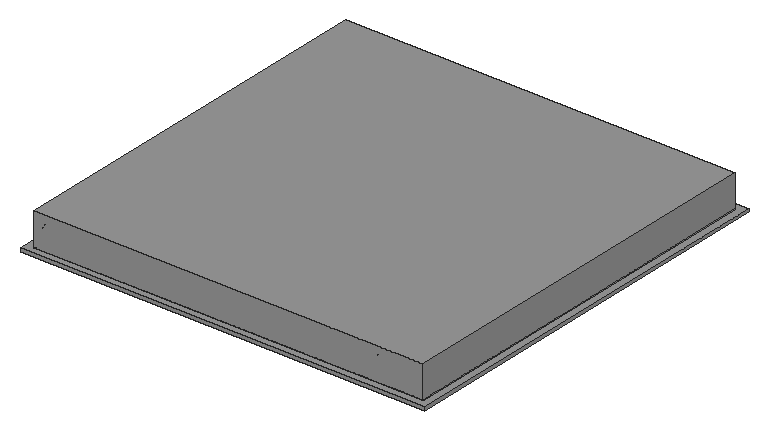
Revit family "63_UN_LEDPanel_RTP-XM 595x595 2-Lamps_Norton", category Lighting Fixtures, Revit 2019
Family settings
  Round Connector Dimension = Use Diameter
  Part Type = Normal
  OmniClass Number = 23.80.70.11.14.11
  OmniClass Title = Downlights
  Work Plane-Based = No
  Always vertical = Yes
  Cut with Voids When Loaded = No
  Light Source = Yes
  Shared = No
  Room Calculation Point = Yes
Parameters (values of type "RTP-XM LED 84 2 4000LM GST 60x60")
  Wattage Comments = "36W"
  Wattage = 26.9284 W
  built-in parameter 1150110 = 1 (stored number, unit not read)
  Voltage = 230 V
  URL = "https://www.ivlibrary.com/"
  Type Comments = "60x60"
  built-in parameter 1114217 = 1 (stored number, unit not read)
  Tilt Angle = 90.00°
  built-in parameter 1150109 = 1 (stored number, unit not read)
  built-in parameter 1150134 = 3
  Symbol_ToScale [instance] = not(Symbol_RealSize)  # no
  Symbol_RealSize [instance] = yes
  Switch Code [instance] = ""
  built-in parameter 1150113 = 1 (stored number, unit not read)
  Photometric Web File = "RTPXMLED842LM400060x60_LDT.ies"
  Model = "RTP XM"
  Manufacturer = "Norton"
  built-in parameter 1150105 = 318.31 (stored number, unit not read)
  Luminous Flux (lm) = 4000 lm
  Lumens = 4000 lm
  built-in parameter 1150115 = 1 (stored number, unit not read)
  Luminaire Code [instance] = ""
  built-in parameter 1150137 = (empty or 0)
  built-in parameter 1150139 = (empty or 0)
  built-in parameter 1150112 = 1 (stored number, unit not read)
  built-in parameter 1150114 = 1 (stored number, unit not read)
  Lamp = "LED"
  L3 = 11 mm
  L2 = 596 mm
  L1 = 596 mm
  built-in parameter 1150132 = 2
  built-in parameter 1150102 = (empty or 0)
  built-in parameter 1150107 = 3200 (stored number, unit not read)
  built-in parameter 1150138 = (empty or 0)
  built-in parameter 1150106 = 3.1831 (stored number, unit not read)
  IfcExportType = "USERDEFINED"
  IfcExportAs = "IfcLightFixtureType"
  ISBN Code = "-"
  IP Value = "IP20"
  IK Value = "IK07"
  Housing_Material = Laminate, White
  H1 = 48 mm
  GTIN Code = "-"
  Emit from Rectangle Width = L2 - (L3 * 2)  # 574 mm
  Emit from Rectangle Length = L1 - (L3 * 2)  # 574 mm
  Emit Shape Visible in Rendering = no
  built-in parameter 1150104 = 13.8 (stored number, unit not read)
  ETIM Code = "-"
  Dimming Lamp Color Temperature Shift = <None>
  Description = ""
  Content Creator® = "www.ivlibrary.com"
  Color Filter = 16777215
  Calc_L2_Symbol = L2 / 100  # 5.96 mm
  Calc_L1_Symbol = L1 / 100  # 5.96 mm
  built-in parameter 1114218 = 1 (stored number, unit not read)
  built-in parameter 1150133 = 10 (stored number, unit not read)
  Assembly Code = "63.0"
  Apparent Load = 36 VA
Types (2, lengths in mm): name | Wattage Comments | Wattage | Photometric Web File | built-in parameter 1150105 | Luminous Flux (lm) | Lumens | built-in parameter 1150106 | Apparent Load
  RTP-XM LED 83 2 3800LM GST 60x60 | "38W" | 25.582 W | "RTPXMLED832LM380060x60_LDT.ies" | 302.39 (stored number, unit not read) | 3800 lm | 3800 lm | 3.0239 (stored number, unit not read) | 38 VA
  RTP-XM LED 84 2 4000LM GST 60x60 | "36W" | 26.9284 W | "RTPXMLED842LM400060x60_LDT.ies" | 318.31 (stored number, unit not read) | 4000 lm | 4000 lm | 3.1831 (stored number, unit not read) | 36 VA
Reference planes
  plane 1 "Center (Front/Back)": y = 0
  plane 2: z = 0
  plane 3 "Center (Left/Right)": x = 0
  plane 4: x = -287
  plane 5: x = 287
  plane 6: y = 287
  plane 7: y = -287
  plane 8: x = -298
  plane 9: x = 298
  plane 10: y = -298
  plane 11: y = 298
Forms (mm)
  Extrusion 1, solid, material "Laminate, White" <- "Housing_Material"
    sketch origin (0, 0, 0) x (1, 0, 0) y (0, 1, 0)
      loop
        line (-287, 287) -> (-287, -287) -> (287, -287) -> (287, 287) -> (-287, 287)
    from 0 to 48 <- "H1"
  Extrusion 2, solid, material "Laminate, White" <- "Housing_Material"
    sketch origin (0, 0, 0) x (1, 0, 0) y (0, 1, 0)
      loop
        line (-287, 287) -> (-287, -287) -> (287, -287) -> (287, 287) -> (-287, 287)
    from 0 to -1
  Extrusion 3, solid, material "Laminate, White" <- "Housing_Material"
    sketch origin (0, 0, 0) x (1, 0, 0) y (0, 1, 0)
      loop
        line (-287, 287) -> (-287, -287) -> (287, -287) -> (287, 287) -> (-287, 287)
      loop
        line (-298, -298) -> (298, -298) -> (298, 298) -> (-298, 298) -> (-298, -298)
    from 0 to -5
  Extrusion 4, void
    sketch origin (-490.551, 0, 0) x (1, 0, 0) y (0, 0, 1)
      loop
        line (207.881, -5) -> (283.164, -5) -> (283.164, 12.612) -> (278.834, 15.112)
        arc (278.834, 15.112) -> (274.801, 30.999) -> (263.68, 43.039) r 33.311
        line (263.68, 43.039) -> (227.366, 43.039)
        arc (227.366, 43.039) -> (216.244, 30.999) -> (212.212, 15.112) r 33.311
        line (212.212, 15.112) -> (207.881, 12.612) -> (207.881, -5)
    from 283.961 to -282.261
  Extrusion 5, solid, material "Laminate, White" <- "Housing_Material"
    sketch origin (-479.551, 253.75, 0) x (1, 0, 0) y (0, 0, 1)
      loop
        line (196.881, -1) -> (272.164, -1) -> (272.164, 12.612) -> (267.834, 15.112)
        arc (267.834, 15.112) -> (263.801, 30.999) -> (252.68, 43.039) r 33.311
        line (252.68, 43.039) -> (216.366, 43.039)
        arc (216.366, 43.039) -> (205.244, 30.999) -> (201.212, 15.112) r 33.311
        line (201.212, 15.112) -> (196.881, 12.612) -> (196.881, -1)
    from 1 to -1
  Extrusion 6, solid, material "Laminate, White" <- "Housing_Material"
    sketch origin (-479.551, -254.375, 0) x (1, 0, 0) y (0, 0, 1)
      loop
        line (196.881, -1) -> (272.164, -1) -> (272.164, 12.612) -> (267.834, 15.112)
        arc (267.834, 15.112) -> (263.801, 30.999) -> (252.68, 43.039) r 33.311
        line (252.68, 43.039) -> (216.366, 43.039)
        arc (216.366, 43.039) -> (205.244, 30.999) -> (201.212, 15.112) r 33.311
        line (201.212, 15.112) -> (196.881, 12.612) -> (196.881, -1)
    from 1 to -1
  Extrusion 7, solid, material "Laminate, White" <- "Housing_Material"
    sketch origin (-479.551, 211.406, 0) x (1, 0, 0) y (0, 0, 1)
      loop
        line (196.881, -1) -> (272.164, -1) -> (272.164, 12.612) -> (267.834, 15.112)
        arc (267.834, 15.112) -> (263.801, 30.999) -> (252.68, 43.039) r 33.311
        line (252.68, 43.039) -> (216.366, 43.039)
        arc (216.366, 43.039) -> (205.244, 30.999) -> (201.212, 15.112) r 33.311
        line (201.212, 15.112) -> (196.881, 12.612) -> (196.881, -1)
    from 1 to -1
  Extrusion 8, solid, material "Laminate, White" <- "Housing_Material"
    sketch origin (-479.551, 169.063, 0) x (1, 0, 0) y (0, 0, 1)
      loop
        line (196.881, -1) -> (272.164, -1) -> (272.164, 12.612) -> (267.834, 15.112)
        arc (267.834, 15.112) -> (263.801, 30.999) -> (252.68, 43.039) r 33.311
        line (252.68, 43.039) -> (216.366, 43.039)
        arc (216.366, 43.039) -> (205.244, 30.999) -> (201.212, 15.112) r 33.311
        line (201.212, 15.112) -> (196.881, 12.612) -> (196.881, -1)
    from 1 to -1
  Extrusion 9, solid, material "Laminate, White" <- "Housing_Material"
    sketch origin (-479.551, 126.719, 0) x (1, 0, 0) y (0, 0, 1)
      loop
        line (196.881, -1) -> (272.164, -1) -> (272.164, 12.612) -> (267.834, 15.112)
        arc (267.834, 15.112) -> (263.801, 30.999) -> (252.68, 43.039) r 33.311
        line (252.68, 43.039) -> (216.366, 43.039)
        arc (216.366, 43.039) -> (205.244, 30.999) -> (201.212, 15.112) r 33.311
        line (201.212, 15.112) -> (196.881, 12.612) -> (196.881, -1)
    from 1 to -1
  Extrusion 10, solid, material "Laminate, White" <- "Housing_Material"
    sketch origin (-479.551, 84.375, 0) x (1, 0, 0) y (0, 0, 1)
      loop
        line (196.881, -1) -> (272.164, -1) -> (272.164, 12.612) -> (267.834, 15.112)
        arc (267.834, 15.112) -> (263.801, 30.999) -> (252.68, 43.039) r 33.311
        line (252.68, 43.039) -> (216.366, 43.039)
        arc (216.366, 43.039) -> (205.244, 30.999) -> (201.212, 15.112) r 33.311
        line (201.212, 15.112) -> (196.881, 12.612) -> (196.881, -1)
    from 1 to -1
  Extrusion 11, solid, material "Laminate, White" <- "Housing_Material"
    sketch origin (-479.551, 42.031, 0) x (1, 0, 0) y (0, 0, 1)
      loop
        line (196.881, -1) -> (272.164, -1) -> (272.164, 12.612) -> (267.834, 15.112)
        arc (267.834, 15.112) -> (263.801, 30.999) -> (252.68, 43.039) r 33.311
        line (252.68, 43.039) -> (216.366, 43.039)
        arc (216.366, 43.039) -> (205.244, 30.999) -> (201.212, 15.112) r 33.311
        line (201.212, 15.112) -> (196.881, 12.612) -> (196.881, -1)
    from 1 to -1
  Extrusion 12, solid, material "Laminate, White" <- "Housing_Material"
    sketch origin (-479.551, -0.312, 0) x (1, 0, 0) y (0, 0, 1)
      loop
        line (196.881, -1) -> (272.164, -1) -> (272.164, 12.612) -> (267.834, 15.112)
        arc (267.834, 15.112) -> (263.801, 30.999) -> (252.68, 43.039) r 33.311
        line (252.68, 43.039) -> (216.366, 43.039)
        arc (216.366, 43.039) -> (205.244, 30.999) -> (201.212, 15.112) r 33.311
        line (201.212, 15.112) -> (196.881, 12.612) -> (196.881, -1)
    from 1 to -1
  Extrusion 13, solid, material "Laminate, White" <- "Housing_Material"
    sketch origin (-479.551, -42.656, 0) x (1, 0, 0) y (0, 0, 1)
      loop
        line (196.881, -1) -> (272.164, -1) -> (272.164, 12.612) -> (267.834, 15.112)
        arc (267.834, 15.112) -> (263.801, 30.999) -> (252.68, 43.039) r 33.311
        line (252.68, 43.039) -> (216.366, 43.039)
        arc (216.366, 43.039) -> (205.244, 30.999) -> (201.212, 15.112) r 33.311
        line (201.212, 15.112) -> (196.881, 12.612) -> (196.881, -1)
    from 1 to -1
  Extrusion 14, solid, material "Laminate, White" <- "Housing_Material"
    sketch origin (-479.551, -85, 0) x (1, 0, 0) y (0, 0, 1)
      loop
        line (196.881, -1) -> (272.164, -1) -> (272.164, 12.612) -> (267.834, 15.112)
        arc (267.834, 15.112) -> (263.801, 30.999) -> (252.68, 43.039) r 33.311
        line (252.68, 43.039) -> (216.366, 43.039)
        arc (216.366, 43.039) -> (205.244, 30.999) -> (201.212, 15.112) r 33.311
        line (201.212, 15.112) -> (196.881, 12.612) -> (196.881, -1)
    from 1 to -1
  Extrusion 15, solid, material "Laminate, White" <- "Housing_Material"
    sketch origin (-479.551, -127.344, 0) x (1, 0, 0) y (0, 0, 1)
      loop
        line (196.881, -1) -> (272.164, -1) -> (272.164, 12.612) -> (267.834, 15.112)
        arc (267.834, 15.112) -> (263.801, 30.999) -> (252.68, 43.039) r 33.311
        line (252.68, 43.039) -> (216.366, 43.039)
        arc (216.366, 43.039) -> (205.244, 30.999) -> (201.212, 15.112) r 33.311
        line (201.212, 15.112) -> (196.881, 12.612) -> (196.881, -1)
    from 1 to -1
  Extrusion 16, solid, material "Laminate, White" <- "Housing_Material"
    sketch origin (-479.551, -169.687, 0) x (1, 0, 0) y (0, 0, 1)
      loop
        line (196.881, -1) -> (272.164, -1) -> (272.164, 12.612) -> (267.834, 15.112)
        arc (267.834, 15.112) -> (263.801, 30.999) -> (252.68, 43.039) r 33.311
        line (252.68, 43.039) -> (216.366, 43.039)
        arc (216.366, 43.039) -> (205.244, 30.999) -> (201.212, 15.112) r 33.311
        line (201.212, 15.112) -> (196.881, 12.612) -> (196.881, -1)
    from 1 to -1
  Extrusion 17, solid, material "Laminate, White" <- "Housing_Material"
    sketch origin (-479.551, -212.031, 0) x (1, 0, 0) y (0, 0, 1)
      loop
        line (196.881, -1) -> (272.164, -1) -> (272.164, 12.612) -> (267.834, 15.112)
        arc (267.834, 15.112) -> (263.801, 30.999) -> (252.68, 43.039) r 33.311
        line (252.68, 43.039) -> (216.366, 43.039)
        arc (216.366, 43.039) -> (205.244, 30.999) -> (201.212, 15.112) r 33.311
        line (201.212, 15.112) -> (196.881, 12.612) -> (196.881, -1)
    from 1 to -1
  Extrusion 18, solid, material "Glass, White, High Luminance"
    sketch origin (-490.551, 0, 0) x (1, 0, 0) y (0, 1, 0)
      loop
        line (263.662, 282.261) -> (227.351, 282.261) -> (227.351, -283.961) -> (263.662, -283.961) -> (263.662, 282.261)
    from 43.039 to 41.487
  Extrusion 19, solid, material "Laminate, White" <- "Housing_Material"
    sketch origin (10.506, 253.75, 0) x (1, 0, 0) y (0, 0, 1)
      loop
        line (196.881, -1) -> (272.164, -1) -> (272.164, 12.612) -> (267.834, 15.112)
        arc (267.834, 15.112) -> (263.801, 30.999) -> (252.68, 43.039) r 33.311
        line (252.68, 43.039) -> (216.366, 43.039)
        arc (216.366, 43.039) -> (205.244, 30.999) -> (201.212, 15.112) r 33.311
        line (201.212, 15.112) -> (196.881, 12.612) -> (196.881, -1)
    from 1 to -1
  Extrusion 20, solid, material "Laminate, White" <- "Housing_Material"
    sketch origin (10.506, -254.375, 0) x (1, 0, 0) y (0, 0, 1)
      loop
        line (196.881, -1) -> (272.164, -1) -> (272.164, 12.612) -> (267.834, 15.112)
        arc (267.834, 15.112) -> (263.801, 30.999) -> (252.68, 43.039) r 33.311
        line (252.68, 43.039) -> (216.366, 43.039)
        arc (216.366, 43.039) -> (205.244, 30.999) -> (201.212, 15.112) r 33.311
        line (201.212, 15.112) -> (196.881, 12.612) -> (196.881, -1)
    from 1 to -1
  Extrusion 21, solid, material "Laminate, White" <- "Housing_Material"
    sketch origin (10.506, 211.406, 0) x (1, 0, 0) y (0, 0, 1)
      loop
        line (196.881, -1) -> (272.164, -1) -> (272.164, 12.612) -> (267.834, 15.112)
        arc (267.834, 15.112) -> (263.801, 30.999) -> (252.68, 43.039) r 33.311
        line (252.68, 43.039) -> (216.366, 43.039)
        arc (216.366, 43.039) -> (205.244, 30.999) -> (201.212, 15.112) r 33.311
        line (201.212, 15.112) -> (196.881, 12.612) -> (196.881, -1)
    from 1 to -1
  Extrusion 22, solid, material "Laminate, White" <- "Housing_Material"
    sketch origin (10.506, 169.063, 0) x (1, 0, 0) y (0, 0, 1)
      loop
        line (196.881, -1) -> (272.164, -1) -> (272.164, 12.612) -> (267.834, 15.112)
        arc (267.834, 15.112) -> (263.801, 30.999) -> (252.68, 43.039) r 33.311
        line (252.68, 43.039) -> (216.366, 43.039)
        arc (216.366, 43.039) -> (205.244, 30.999) -> (201.212, 15.112) r 33.311
        line (201.212, 15.112) -> (196.881, 12.612) -> (196.881, -1)
    from 1 to -1
  Extrusion 23, solid, material "Laminate, White" <- "Housing_Material"
    sketch origin (10.506, 126.719, 0) x (1, 0, 0) y (0, 0, 1)
      loop
        line (196.881, -1) -> (272.164, -1) -> (272.164, 12.612) -> (267.834, 15.112)
        arc (267.834, 15.112) -> (263.801, 30.999) -> (252.68, 43.039) r 33.311
        line (252.68, 43.039) -> (216.366, 43.039)
        arc (216.366, 43.039) -> (205.244, 30.999) -> (201.212, 15.112) r 33.311
        line (201.212, 15.112) -> (196.881, 12.612) -> (196.881, -1)
    from 1 to -1
  Extrusion 24, solid, material "Laminate, White" <- "Housing_Material"
    sketch origin (10.506, 84.375, 0) x (1, 0, 0) y (0, 0, 1)
      loop
        line (196.881, -1) -> (272.164, -1) -> (272.164, 12.612) -> (267.834, 15.112)
        arc (267.834, 15.112) -> (263.801, 30.999) -> (252.68, 43.039) r 33.311
        line (252.68, 43.039) -> (216.366, 43.039)
        arc (216.366, 43.039) -> (205.244, 30.999) -> (201.212, 15.112) r 33.311
        line (201.212, 15.112) -> (196.881, 12.612) -> (196.881, -1)
    from 1 to -1
  Extrusion 25, solid, material "Laminate, White" <- "Housing_Material"
    sketch origin (10.506, 42.031, 0) x (1, 0, 0) y (0, 0, 1)
      loop
        line (196.881, -1) -> (272.164, -1) -> (272.164, 12.612) -> (267.834, 15.112)
        arc (267.834, 15.112) -> (263.801, 30.999) -> (252.68, 43.039) r 33.311
        line (252.68, 43.039) -> (216.366, 43.039)
        arc (216.366, 43.039) -> (205.244, 30.999) -> (201.212, 15.112) r 33.311
        line (201.212, 15.112) -> (196.881, 12.612) -> (196.881, -1)
    from 1 to -1
  Extrusion 26, solid, material "Laminate, White" <- "Housing_Material"
    sketch origin (10.506, -0.312, 0) x (1, 0, 0) y (0, 0, 1)
      loop
        line (196.881, -1) -> (272.164, -1) -> (272.164, 12.612) -> (267.834, 15.112)
        arc (267.834, 15.112) -> (263.801, 30.999) -> (252.68, 43.039) r 33.311
        line (252.68, 43.039) -> (216.366, 43.039)
        arc (216.366, 43.039) -> (205.244, 30.999) -> (201.212, 15.112) r 33.311
        line (201.212, 15.112) -> (196.881, 12.612) -> (196.881, -1)
    from 1 to -1
  Extrusion 27, solid, material "Laminate, White" <- "Housing_Material"
    sketch origin (10.506, -42.656, 0) x (1, 0, 0) y (0, 0, 1)
      loop
        line (196.881, -1) -> (272.164, -1) -> (272.164, 12.612) -> (267.834, 15.112)
        arc (267.834, 15.112) -> (263.801, 30.999) -> (252.68, 43.039) r 33.311
        line (252.68, 43.039) -> (216.366, 43.039)
        arc (216.366, 43.039) -> (205.244, 30.999) -> (201.212, 15.112) r 33.311
        line (201.212, 15.112) -> (196.881, 12.612) -> (196.881, -1)
    from 1 to -1
  Extrusion 28, solid, material "Laminate, White" <- "Housing_Material"
    sketch origin (10.506, -85, 0) x (1, 0, 0) y (0, 0, 1)
      loop
        line (196.881, -1) -> (272.164, -1) -> (272.164, 12.612) -> (267.834, 15.112)
        arc (267.834, 15.112) -> (263.801, 30.999) -> (252.68, 43.039) r 33.311
        line (252.68, 43.039) -> (216.366, 43.039)
        arc (216.366, 43.039) -> (205.244, 30.999) -> (201.212, 15.112) r 33.311
        line (201.212, 15.112) -> (196.881, 12.612) -> (196.881, -1)
    from 1 to -1
  Extrusion 29, solid, material "Laminate, White" <- "Housing_Material"
    sketch origin (10.506, -127.344, 0) x (1, 0, 0) y (0, 0, 1)
      loop
        line (196.881, -1) -> (272.164, -1) -> (272.164, 12.612) -> (267.834, 15.112)
        arc (267.834, 15.112) -> (263.801, 30.999) -> (252.68, 43.039) r 33.311
        line (252.68, 43.039) -> (216.366, 43.039)
        arc (216.366, 43.039) -> (205.244, 30.999) -> (201.212, 15.112) r 33.311
        line (201.212, 15.112) -> (196.881, 12.612) -> (196.881, -1)
    from 1 to -1
  Extrusion 30, solid, material "Laminate, White" <- "Housing_Material"
    sketch origin (10.506, -169.688, 0) x (1, 0, 0) y (0, 0, 1)
      loop
        line (196.881, -1) -> (272.164, -1) -> (272.164, 12.612) -> (267.834, 15.112)
        arc (267.834, 15.112) -> (263.801, 30.999) -> (252.68, 43.039) r 33.311
        line (252.68, 43.039) -> (216.366, 43.039)
        arc (216.366, 43.039) -> (205.244, 30.999) -> (201.212, 15.112) r 33.311
        line (201.212, 15.112) -> (196.881, 12.612) -> (196.881, -1)
    from 1 to -1
  Extrusion 31, solid, material "Laminate, White" <- "Housing_Material"
    sketch origin (10.506, -212.031, 0) x (1, 0, 0) y (0, 0, 1)
      loop
        line (196.881, -1) -> (272.164, -1) -> (272.164, 12.612) -> (267.834, 15.112)
        arc (267.834, 15.112) -> (263.801, 30.999) -> (252.68, 43.039) r 33.311
        line (252.68, 43.039) -> (216.366, 43.039)
        arc (216.366, 43.039) -> (205.244, 30.999) -> (201.212, 15.112) r 33.311
        line (201.212, 15.112) -> (196.881, 12.612) -> (196.881, -1)
    from 1 to -1
  Extrusion 32, solid, material "Glass, White, High Luminance"
    sketch origin (-0.494, 0, 0) x (1, 0, 0) y (0, 1, 0)
      loop
        line (263.662, 282.261) -> (227.351, 282.261) -> (227.351, -283.961) -> (263.662, -283.961) -> (263.662, 282.261)
    from 43.039 to 41.487
  Extrusion 33, void
    sketch origin (-0.494, 0, 0) x (1, 0, 0) y (0, 0, 1)
      loop
        line (207.881, -5) -> (283.164, -5) -> (283.164, 12.612) -> (278.834, 15.112)
        arc (278.834, 15.112) -> (274.801, 30.999) -> (263.68, 43.039) r 33.311
        line (263.68, 43.039) -> (227.366, 43.039)
        arc (227.366, 43.039) -> (216.244, 30.999) -> (212.212, 15.112) r 33.311
        line (212.212, 15.112) -> (207.881, 12.612) -> (207.881, -5)
    from 283.961 to -282.261
Cuts and joins
  Extrusion 4, Extrusion 33 cuts Extrusion 1
  Extrusion 4, Extrusion 33 cuts Extrusion 2
  Extrusion 33 cuts Extrusion 5
  Extrusion 33 cuts Extrusion 6
  Extrusion 33 cuts Extrusion 7
  Extrusion 33 cuts Extrusion 8
  Extrusion 33 cuts Extrusion 9
  Extrusion 33 cuts Extrusion 10
  Extrusion 33 cuts Extrusion 11
  Extrusion 33 cuts Extrusion 12
  Extrusion 33 cuts Extrusion 13
  Extrusion 33 cuts Extrusion 14
  Extrusion 33 cuts Extrusion 15
  Extrusion 33 cuts Extrusion 16
  Extrusion 33 cuts Extrusion 17
  Extrusion 33 cuts Extrusion 18
Lines and regions (mm)
  symbolic lines, visible <- "Symbol_RealSize"
    curve 1: line (-298, -298, 0) -> (298, -298, 0)
    curve 2: line (-298, 298, 0) -> (-298, -298, 0)
    curve 3: line (298, 298, 0) -> (-298, 298, 0)
    curve 4: line (298, -298, 0) -> (298, 298, 0)
Dimensions and locks
  equal spacing: plane 11, plane 1 "Center (Front/Back)", plane 10
  equal spacing: plane 8, plane 3 "Center (Left/Right)", plane 9
  "L1": plane 8 to plane 9
  "L2": plane 11 to plane 10
  "H1": Extrusion 1 to level
  "L3": plane 8 to plane 4
  "L3": plane 5 to plane 9
  "L3": plane 6 to plane 11
  "L3": plane 7 to plane 10
  aligned and locked: level to plane 2
  aligned and locked: Extrusion 1 sketch curve to plane 6
  aligned and locked: plane 4 to Extrusion 1 sketch curve
  aligned and locked: plane 7 to Extrusion 1 sketch curve
  aligned and locked: plane 5 to Extrusion 1 sketch curve
  aligned and locked: Extrusion 2 sketch curve to Extrusion 1  (x4)
  aligned and locked: plane 11 to Extrusion 3
  aligned and locked: plane 9 to Extrusion 3
  aligned and locked: plane 10 to Extrusion 3
  aligned and locked: plane 8 to Extrusion 3
  aligned and locked: plane 9 to Extrusion 3 sketch curve
  aligned and locked: plane 10 to Extrusion 3 sketch curve
  aligned and locked: plane 8 to Extrusion 3 sketch curve
  aligned and locked: plane 11 to Extrusion 3 sketch curve
  aligned and locked: plane 5 to Extrusion 3 sketch curve
  aligned and locked: Extrusion 3 sketch curve to plane 6
  aligned and locked: plane 4 to Extrusion 3 sketch curve
  aligned and locked: plane 7 to Extrusion 3 sketch curve
Automatic sketch dimensions
  Extrusion 5 sketch curve to Extrusion 5 sketch curve = 0 mm  (x4)
  Extrusion 5 sketch curve to Extrusion 5 sketch curve = 4.33 mm  (x2)
  Extrusion 5 sketch curve to Extrusion 5 sketch curve = 15.154 mm
  Extrusion 5 sketch curve to Extrusion 5 sketch curve = 33.311 mm
  Extrusion 5 sketch curve to Extrusion 5 sketch curve = 2.5 mm  (x2)
  Extrusion 5 sketch curve to Extrusion 5 sketch curve = 18.157 mm
  Extrusion 5 sketch curve to Extrusion 5 sketch curve = 13.612 mm
  Extrusion 6 sketch curve to Extrusion 6 sketch curve = 0 mm  (x4)
  Extrusion 6 sketch curve to Extrusion 6 sketch curve = 4.33 mm  (x2)
  Extrusion 6 sketch curve to Extrusion 6 sketch curve = 15.154 mm
  Extrusion 6 sketch curve to Extrusion 6 sketch curve = 33.311 mm
  Extrusion 6 sketch curve to Extrusion 6 sketch curve = 2.5 mm  (x2)
  Extrusion 6 sketch curve to Extrusion 6 sketch curve = 18.157 mm
  Extrusion 6 sketch curve to Extrusion 6 sketch curve = 13.612 mm
  Extrusion 7 sketch curve to Extrusion 7 sketch curve = 0 mm  (x4)
  Extrusion 7 sketch curve to Extrusion 7 sketch curve = 4.33 mm  (x2)
  Extrusion 7 sketch curve to Extrusion 7 sketch curve = 15.154 mm
  Extrusion 7 sketch curve to Extrusion 7 sketch curve = 33.311 mm
  Extrusion 7 sketch curve to Extrusion 7 sketch curve = 2.5 mm  (x2)
  Extrusion 7 sketch curve to Extrusion 7 sketch curve = 18.157 mm
  Extrusion 7 sketch curve to Extrusion 7 sketch curve = 13.612 mm
  Extrusion 8 sketch curve to Extrusion 8 sketch curve = 0 mm  (x4)
  Extrusion 8 sketch curve to Extrusion 8 sketch curve = 4.33 mm  (x2)
  Extrusion 8 sketch curve to Extrusion 8 sketch curve = 15.154 mm
  Extrusion 8 sketch curve to Extrusion 8 sketch curve = 33.311 mm
  Extrusion 8 sketch curve to Extrusion 8 sketch curve = 2.5 mm  (x2)
  Extrusion 8 sketch curve to Extrusion 8 sketch curve = 18.157 mm
  Extrusion 8 sketch curve to Extrusion 8 sketch curve = 13.612 mm
  Extrusion 9 sketch curve to Extrusion 9 sketch curve = 0 mm  (x4)
  Extrusion 9 sketch curve to Extrusion 9 sketch curve = 4.33 mm  (x2)
  Extrusion 9 sketch curve to Extrusion 9 sketch curve = 15.154 mm
  Extrusion 9 sketch curve to Extrusion 9 sketch curve = 33.311 mm
  Extrusion 9 sketch curve to Extrusion 9 sketch curve = 2.5 mm  (x2)
  Extrusion 9 sketch curve to Extrusion 9 sketch curve = 18.157 mm
  Extrusion 9 sketch curve to Extrusion 9 sketch curve = 13.612 mm
  Extrusion 10 sketch curve to Extrusion 10 sketch curve = 0 mm  (x4)
  Extrusion 10 sketch curve to Extrusion 10 sketch curve = 4.33 mm  (x2)
  Extrusion 10 sketch curve to Extrusion 10 sketch curve = 15.154 mm
  Extrusion 10 sketch curve to Extrusion 10 sketch curve = 33.311 mm
  Extrusion 10 sketch curve to Extrusion 10 sketch curve = 2.5 mm  (x2)
  Extrusion 10 sketch curve to Extrusion 10 sketch curve = 18.157 mm
  Extrusion 10 sketch curve to Extrusion 10 sketch curve = 13.612 mm
  Extrusion 11 sketch curve to Extrusion 11 sketch curve = 0 mm  (x4)
  Extrusion 11 sketch curve to Extrusion 11 sketch curve = 4.33 mm  (x2)
  Extrusion 11 sketch curve to Extrusion 11 sketch curve = 15.154 mm
  Extrusion 11 sketch curve to Extrusion 11 sketch curve = 33.311 mm
  Extrusion 11 sketch curve to Extrusion 11 sketch curve = 2.5 mm  (x2)
  Extrusion 11 sketch curve to Extrusion 11 sketch curve = 18.157 mm
  Extrusion 11 sketch curve to Extrusion 11 sketch curve = 13.612 mm
  Extrusion 12 sketch curve to Extrusion 12 sketch curve = 0 mm  (x4)
  Extrusion 12 sketch curve to Extrusion 12 sketch curve = 4.33 mm  (x2)
  Extrusion 12 sketch curve to Extrusion 12 sketch curve = 15.154 mm
  Extrusion 12 sketch curve to Extrusion 12 sketch curve = 33.311 mm
  Extrusion 12 sketch curve to Extrusion 12 sketch curve = 2.5 mm  (x2)
  Extrusion 12 sketch curve to Extrusion 12 sketch curve = 18.157 mm
  Extrusion 12 sketch curve to Extrusion 12 sketch curve = 13.612 mm
  Extrusion 13 sketch curve to Extrusion 13 sketch curve = 0 mm  (x4)
  Extrusion 13 sketch curve to Extrusion 13 sketch curve = 4.33 mm  (x2)
  Extrusion 13 sketch curve to Extrusion 13 sketch curve = 15.154 mm
  Extrusion 13 sketch curve to Extrusion 13 sketch curve = 33.311 mm
  Extrusion 13 sketch curve to Extrusion 13 sketch curve = 2.5 mm  (x2)
  Extrusion 13 sketch curve to Extrusion 13 sketch curve = 18.157 mm
  Extrusion 13 sketch curve to Extrusion 13 sketch curve = 13.612 mm
  Extrusion 14 sketch curve to Extrusion 14 sketch curve = 0 mm  (x4)
  Extrusion 14 sketch curve to Extrusion 14 sketch curve = 4.33 mm  (x2)
  Extrusion 14 sketch curve to Extrusion 14 sketch curve = 15.154 mm
  Extrusion 14 sketch curve to Extrusion 14 sketch curve = 33.311 mm
  Extrusion 14 sketch curve to Extrusion 14 sketch curve = 2.5 mm  (x2)
  Extrusion 14 sketch curve to Extrusion 14 sketch curve = 18.157 mm
  Extrusion 14 sketch curve to Extrusion 14 sketch curve = 13.612 mm
  Extrusion 15 sketch curve to Extrusion 15 sketch curve = 0 mm  (x4)
  Extrusion 15 sketch curve to Extrusion 15 sketch curve = 4.33 mm  (x2)
  Extrusion 15 sketch curve to Extrusion 15 sketch curve = 15.154 mm
  Extrusion 15 sketch curve to Extrusion 15 sketch curve = 33.311 mm
  Extrusion 15 sketch curve to Extrusion 15 sketch curve = 2.5 mm  (x2)
  Extrusion 15 sketch curve to Extrusion 15 sketch curve = 18.157 mm
  Extrusion 15 sketch curve to Extrusion 15 sketch curve = 13.612 mm
  Extrusion 16 sketch curve to Extrusion 16 sketch curve = 0 mm  (x4)
  Extrusion 16 sketch curve to Extrusion 16 sketch curve = 4.33 mm  (x2)
  Extrusion 16 sketch curve to Extrusion 16 sketch curve = 15.154 mm
  Extrusion 16 sketch curve to Extrusion 16 sketch curve = 33.311 mm
  Extrusion 16 sketch curve to Extrusion 16 sketch curve = 2.5 mm  (x2)
  Extrusion 16 sketch curve to Extrusion 16 sketch curve = 18.157 mm
  Extrusion 16 sketch curve to Extrusion 16 sketch curve = 13.612 mm
  Extrusion 17 sketch curve to Extrusion 17 sketch curve = 0 mm  (x4)
  Extrusion 17 sketch curve to Extrusion 17 sketch curve = 4.33 mm  (x2)
  Extrusion 17 sketch curve to Extrusion 17 sketch curve = 15.154 mm
  Extrusion 17 sketch curve to Extrusion 17 sketch curve = 33.311 mm
  Extrusion 17 sketch curve to Extrusion 17 sketch curve = 2.5 mm  (x2)
  Extrusion 17 sketch curve to Extrusion 17 sketch curve = 18.157 mm
  Extrusion 17 sketch curve to Extrusion 17 sketch curve = 13.612 mm
  Extrusion 19 sketch curve to Extrusion 19 sketch curve = 0 mm  (x4)
  Extrusion 19 sketch curve to Extrusion 19 sketch curve = 4.33 mm  (x2)
  Extrusion 19 sketch curve to Extrusion 19 sketch curve = 15.154 mm
  Extrusion 19 sketch curve to Extrusion 19 sketch curve = 33.311 mm
  Extrusion 19 sketch curve to Extrusion 19 sketch curve = 2.5 mm  (x2)
  Extrusion 19 sketch curve to Extrusion 19 sketch curve = 18.157 mm
  Extrusion 19 sketch curve to Extrusion 19 sketch curve = 13.612 mm
  Extrusion 20 sketch curve to Extrusion 20 sketch curve = 0 mm  (x4)
  Extrusion 20 sketch curve to Extrusion 20 sketch curve = 4.33 mm  (x2)
  Extrusion 20 sketch curve to Extrusion 20 sketch curve = 15.154 mm
  Extrusion 20 sketch curve to Extrusion 20 sketch curve = 33.311 mm
  Extrusion 20 sketch curve to Extrusion 20 sketch curve = 2.5 mm  (x2)
  Extrusion 20 sketch curve to Extrusion 20 sketch curve = 18.157 mm
  Extrusion 20 sketch curve to Extrusion 20 sketch curve = 13.612 mm
  Extrusion 21 sketch curve to Extrusion 21 sketch curve = 0 mm  (x4)
  Extrusion 21 sketch curve to Extrusion 21 sketch curve = 4.33 mm  (x2)
  Extrusion 21 sketch curve to Extrusion 21 sketch curve = 15.154 mm
  Extrusion 21 sketch curve to Extrusion 21 sketch curve = 33.311 mm
  Extrusion 21 sketch curve to Extrusion 21 sketch curve = 2.5 mm  (x2)
  Extrusion 21 sketch curve to Extrusion 21 sketch curve = 18.157 mm
  Extrusion 21 sketch curve to Extrusion 21 sketch curve = 13.612 mm
  Extrusion 22 sketch curve to Extrusion 22 sketch curve = 0 mm  (x4)
  Extrusion 22 sketch curve to Extrusion 22 sketch curve = 4.33 mm  (x2)
  Extrusion 22 sketch curve to Extrusion 22 sketch curve = 15.154 mm
  Extrusion 22 sketch curve to Extrusion 22 sketch curve = 33.311 mm
  Extrusion 22 sketch curve to Extrusion 22 sketch curve = 2.5 mm  (x2)
  Extrusion 22 sketch curve to Extrusion 22 sketch curve = 18.157 mm
  Extrusion 22 sketch curve to Extrusion 22 sketch curve = 13.612 mm
  Extrusion 23 sketch curve to Extrusion 23 sketch curve = 0 mm  (x4)
  Extrusion 23 sketch curve to Extrusion 23 sketch curve = 4.33 mm  (x2)
  Extrusion 23 sketch curve to Extrusion 23 sketch curve = 15.154 mm
  Extrusion 23 sketch curve to Extrusion 23 sketch curve = 33.311 mm
  Extrusion 23 sketch curve to Extrusion 23 sketch curve = 2.5 mm  (x2)
  Extrusion 23 sketch curve to Extrusion 23 sketch curve = 18.157 mm
  Extrusion 23 sketch curve to Extrusion 23 sketch curve = 13.612 mm
  Extrusion 24 sketch curve to Extrusion 24 sketch curve = 0 mm  (x4)
  Extrusion 24 sketch curve to Extrusion 24 sketch curve = 4.33 mm  (x2)
  Extrusion 24 sketch curve to Extrusion 24 sketch curve = 15.154 mm
  Extrusion 24 sketch curve to Extrusion 24 sketch curve = 33.311 mm
  Extrusion 24 sketch curve to Extrusion 24 sketch curve = 2.5 mm  (x2)
  Extrusion 24 sketch curve to Extrusion 24 sketch curve = 18.157 mm
  Extrusion 24 sketch curve to Extrusion 24 sketch curve = 13.612 mm
  Extrusion 25 sketch curve to Extrusion 25 sketch curve = 0 mm  (x4)
  Extrusion 25 sketch curve to Extrusion 25 sketch curve = 4.33 mm  (x2)
  Extrusion 25 sketch curve to Extrusion 25 sketch curve = 15.154 mm
  Extrusion 25 sketch curve to Extrusion 25 sketch curve = 33.311 mm
  Extrusion 25 sketch curve to Extrusion 25 sketch curve = 2.5 mm  (x2)
  Extrusion 25 sketch curve to Extrusion 25 sketch curve = 18.157 mm
  Extrusion 25 sketch curve to Extrusion 25 sketch curve = 13.612 mm
  Extrusion 26 sketch curve to Extrusion 26 sketch curve = 0 mm  (x4)
  Extrusion 26 sketch curve to Extrusion 26 sketch curve = 4.33 mm  (x2)
  Extrusion 26 sketch curve to Extrusion 26 sketch curve = 15.154 mm
  Extrusion 26 sketch curve to Extrusion 26 sketch curve = 33.311 mm
  Extrusion 26 sketch curve to Extrusion 26 sketch curve = 2.5 mm  (x2)
  Extrusion 26 sketch curve to Extrusion 26 sketch curve = 18.157 mm
  Extrusion 26 sketch curve to Extrusion 26 sketch curve = 13.612 mm
  Extrusion 27 sketch curve to Extrusion 27 sketch curve = 0 mm  (x4)
  Extrusion 27 sketch curve to Extrusion 27 sketch curve = 4.33 mm  (x2)
  Extrusion 27 sketch curve to Extrusion 27 sketch curve = 15.154 mm
  Extrusion 27 sketch curve to Extrusion 27 sketch curve = 33.311 mm
  Extrusion 27 sketch curve to Extrusion 27 sketch curve = 2.5 mm  (x2)
  Extrusion 27 sketch curve to Extrusion 27 sketch curve = 18.157 mm
  Extrusion 27 sketch curve to Extrusion 27 sketch curve = 13.612 mm
  Extrusion 28 sketch curve to Extrusion 28 sketch curve = 0 mm  (x4)
  Extrusion 28 sketch curve to Extrusion 28 sketch curve = 4.33 mm  (x2)
  Extrusion 28 sketch curve to Extrusion 28 sketch curve = 15.154 mm
  Extrusion 28 sketch curve to Extrusion 28 sketch curve = 33.311 mm
  Extrusion 28 sketch curve to Extrusion 28 sketch curve = 2.5 mm  (x2)
  Extrusion 28 sketch curve to Extrusion 28 sketch curve = 18.157 mm
  Extrusion 28 sketch curve to Extrusion 28 sketch curve = 13.612 mm
  Extrusion 29 sketch curve to Extrusion 29 sketch curve = 0 mm  (x4)
  Extrusion 29 sketch curve to Extrusion 29 sketch curve = 4.33 mm  (x2)
  Extrusion 29 sketch curve to Extrusion 29 sketch curve = 15.154 mm
  Extrusion 29 sketch curve to Extrusion 29 sketch curve = 33.311 mm
  Extrusion 29 sketch curve to Extrusion 29 sketch curve = 2.5 mm  (x2)
  Extrusion 29 sketch curve to Extrusion 29 sketch curve = 18.157 mm
  Extrusion 29 sketch curve to Extrusion 29 sketch curve = 13.612 mm
  Extrusion 30 sketch curve to Extrusion 30 sketch curve = 0 mm  (x4)
  Extrusion 30 sketch curve to Extrusion 30 sketch curve = 4.33 mm  (x2)
  Extrusion 30 sketch curve to Extrusion 30 sketch curve = 15.154 mm
  Extrusion 30 sketch curve to Extrusion 30 sketch curve = 33.311 mm
  Extrusion 30 sketch curve to Extrusion 30 sketch curve = 2.5 mm  (x2)
  Extrusion 30 sketch curve to Extrusion 30 sketch curve = 18.157 mm
  Extrusion 30 sketch curve to Extrusion 30 sketch curve = 13.612 mm
  Extrusion 31 sketch curve to Extrusion 31 sketch curve = 0 mm  (x4)
  Extrusion 31 sketch curve to Extrusion 31 sketch curve = 4.33 mm  (x2)
  Extrusion 31 sketch curve to Extrusion 31 sketch curve = 15.154 mm
  Extrusion 31 sketch curve to Extrusion 31 sketch curve = 33.311 mm
  Extrusion 31 sketch curve to Extrusion 31 sketch curve = 2.5 mm  (x2)
  Extrusion 31 sketch curve to Extrusion 31 sketch curve = 18.157 mm
  Extrusion 31 sketch curve to Extrusion 31 sketch curve = 13.612 mm
  curve 3 to plane 8 = 0 mm
  curve 3 to plane 9 = 0 mm
  curve 1 to plane 10 = 0 mm
  plane 11 to curve 3 = 0 mm
  Extrusion 4 sketch curve to Extrusion 4 sketch curve = 0 mm  (x2)
  plane 4 to Extrusion 4 sketch curve = 4.33 mm
  Extrusion 4 sketch curve to Extrusion 4 sketch curve = 4.33 mm  (x2)
  plane 4 to Extrusion 4 sketch curve = 23.814 mm
  Extrusion 4 sketch curve to Extrusion 4 sketch curve = 18.157 mm  (x2)
  Extrusion 4 sketch curve to level = 5 mm
  level to Extrusion 4 sketch curve = 12.612 mm  (x2)
  Extrusion 4 sketch curve to Extrusion 4 sketch curve = 2.5 mm
  Extrusion 18 sketch curve to plane 6 = 4.739 mm
  plane 4 to Extrusion 18 sketch curve = 23.8 mm
  plane 7 to Extrusion 18 sketch curve = 3.039 mm
  Extrusion 18 sketch curve to Extrusion 18 sketch curve = 36.311 mm
  Extrusion 32 sketch curve to plane 6 = 4.739 mm
  plane 5 to Extrusion 32 sketch curve = 60.143 mm
  plane 7 to Extrusion 32 sketch curve = 3.039 mm
  plane 5 to Extrusion 32 sketch curve = 23.832 mm
  Extrusion 33 sketch curve to Extrusion 33 sketch curve = 0 mm  (x2)
  Extrusion 33 sketch curve to level = 5 mm
  plane 5 to Extrusion 33 sketch curve = 79.613 mm
  level to Extrusion 33 sketch curve = 15.112 mm
  Extrusion 33 sketch curve to Extrusion 33 sketch curve = 4.33 mm
  Extrusion 33 sketch curve to Extrusion 33 sketch curve = 15.154 mm
  Extrusion 33 sketch curve to Extrusion 33 sketch curve = 18.157 mm
  plane 5 to Extrusion 33 sketch curve = 23.814 mm
  plane 5 to Extrusion 33 sketch curve = 4.33 mm
  Extrusion 33 sketch curve to Extrusion 33 sketch curve = 2.5 mm  (x2)
  Extrusion 5 sketch curve to level = 1 mm
  plane 4 to Extrusion 5 sketch curve = 4.33 mm
  Extrusion 6 sketch curve to level = 1 mm
  plane 4 to Extrusion 6 sketch curve = 4.33 mm
  Extrusion 7 sketch curve to level = 1 mm
  plane 4 to Extrusion 7 sketch curve = 4.33 mm
  Extrusion 8 sketch curve to level = 1 mm
  plane 4 to Extrusion 8 sketch curve = 4.33 mm
  Extrusion 9 sketch curve to level = 1 mm
  plane 4 to Extrusion 9 sketch curve = 4.33 mm
  Extrusion 10 sketch curve to level = 1 mm
  plane 4 to Extrusion 10 sketch curve = 4.33 mm
  Extrusion 11 sketch curve to level = 1 mm
  plane 4 to Extrusion 11 sketch curve = 4.33 mm
  Extrusion 12 sketch curve to level = 1 mm
  plane 4 to Extrusion 12 sketch curve = 4.33 mm
  Extrusion 13 sketch curve to level = 1 mm
  plane 4 to Extrusion 13 sketch curve = 4.33 mm
  Extrusion 14 sketch curve to level = 1 mm
  plane 4 to Extrusion 14 sketch curve = 4.33 mm
  Extrusion 15 sketch curve to level = 1 mm
  plane 4 to Extrusion 15 sketch curve = 4.33 mm
  Extrusion 16 sketch curve to level = 1 mm
  plane 4 to Extrusion 16 sketch curve = 4.33 mm
  Extrusion 17 sketch curve to level = 1 mm
  plane 4 to Extrusion 17 sketch curve = 4.33 mm
Nested families
  nested 1: "Parametric LED Panel Symbol" at (0, 0, 0), L1 <- "Calc_L1_Symbol", L2 <- "Calc_L2_Symbol", visible <- "Symbol_ToScale", type "Parametric LED Panel Symbol"
    with L2 5.96 mm, L1 5.96 mm
Connectors
  electrical at (0, 0, 0), driven by "Voltage", driven by "Apparent Load"
    settings: index 1, voltage 230 V, apparent load 0 VA, apparent load phase1 36 VA, apparent load phase2 0 VA, apparent load phase3 0 VA, power factor 1, load classification "Lighting", number of poles 1, system type 31, power factor state 1, is connector primary yes, connector utility no, sub classification motor no, connector description ""
Definition of nested family "Parametric LED Panel Symbol"
  Parameters (values of type "Parametric LED Panel Symbol")
    L2 [instance] = 4.484 mm
    L1 [instance] = 6.437 mm
  Reference planes
    plane 1: y = 0
    plane 2: x = 0
  Lines and regions (mm)
    detail lines
      curve 1: line (-3.219, 2.242, 0) -> (3.219, 2.242, 0)
      curve 2: line (-3.219, -2.242, 0) -> (-3.219, 2.242, 0)
      curve 3: line (3.219, -2.242, 0) -> (-3.219, -2.242, 0)
      curve 4: line (3.219, 2.242, 0) -> (3.219, -2.242, 0)
  Dimensions and locks
    equal spacing: curve 2, plane 2, curve 4
    equal spacing: curve 3, plane 1, curve 1
    "L1": curve 2 to curve 4
    "L2": curve 3 to curve 1
